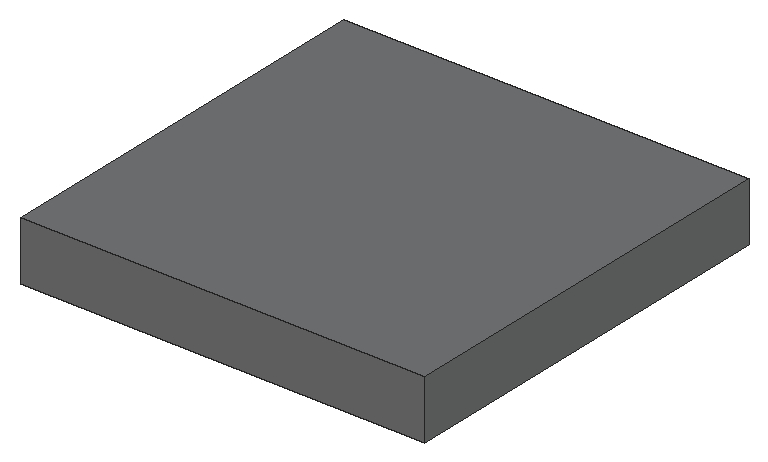
Revit family "Gira_067326", category Electrical Fixtures, host Face, Revit 2017
Family settings
  Host = Face
  Maintain Annotation Orientation = No
  Round Connector Dimension = Use Diameter
  Part Type = Normal
  Cut with Voids When Loaded = No
  Shared = No
  Room Calculation Point = No
Parameters (values of type "Wippe Symb. Klingel + BSF System 55 F Alu")
  Werkstoffgüte = "Thermoplast"
  Werkstoff = "Kunststoff"
  Verwendung = "Schalter/Taster"
  URL = "http://katalog.gira.de/de_DE/datenblatt.html?artikelnr=067326"
  Region = "DE"
  Oberfläche = "sonstige"
  Name = "Wippe Symb. Klingel + BSF System 55 F Alu"
  Mit austauschbarer Linse/Symbol = "No"
  Mit Beschriftungsfeld = "Yes"
  Manufacturer URL = "https://www.gira.de/"
  Kontrollfenster/Lichtauslass = "No"
  Keynote = "Sys55_Abdeckung_Schalten und Tasten"
  HeinzeBIM = "https://bimportal.heinze.de/bim/wippe-symb-klingel-bsf-system-55-f-alu/ccb45f36e87a72652a1f12ac1950e530a1276440"
  Halogenfrei = "Yes"
  HAN = "067326"
  Geeignet für Schutzart (IP) = "IP20"
  Geeignet für Bussystem-Tasterankopplung = "No"
  GTIN = "4010337673262"
  Farbe = "aluminium"
  Default Elevation = 1219.2 mm
  Data sheet (1) = "https://katalog.gira.de/de_DE/download.html?artikelnr=067326"
  Category = "Abdeckung/Bedienelement für Installationsschalterprogramme"
  Befestigungsart = "Klemmbefestigung"
  Available = "Yes"
  Ausführung = "einteilige Wippe"
  Aufdruck/Kennzeichnung = "Symbol \"Klingel\""
  Anthrazit [instance] = Anthrazit
  Abtastbares Symbol/barrierefrei = "No"
Reference planes
  plane 1 "Center (Front/Back)": y = 0
  plane 2: z = 0
  plane 3 "Center (Left/Right)": x = 0
Forms (mm)
  Extrusion 1, solid, material "Anthrazit" <- "Anthrazit", detail levels fine
    sketch origin (0, 0, 0) x (1, 0, 0) y (0, 1, 0)
      loop
        line (-27.5, 27.5) -> (-27.5, -27.5) -> (27.5, -27.5) -> (27.5, 27.5) -> (-27.5, 27.5)
    from 0 to 8
  Extrusion 2, void
    sketch origin (0, 0, 0) x (1, 0, 0) y (0, 1, 0)
      loop
        line (26, 26) -> (-26, 26) -> (-26, -26) -> (26, -26) -> (26, 26)
    from 0 to 6
  Extrusion 3, solid, material "Anthrazit" <- "Anthrazit", detail levels medium
    sketch origin (0, 0, 0) x (1, 0, 0) y (0, 1, 0)
      loop
        line (-27.5, 27.5) -> (-27.5, -27.5) -> (27.5, -27.5) -> (27.5, 27.5) -> (-27.5, 27.5)
    from 0 to 8
  Extrusion 4, solid, material "Anthrazit" <- "Anthrazit", detail levels medium
    sketch origin (0, 0, 0) x (1, 0, 0) y (0, 1, 0)
      loop
        line (11, -17.5) -> (11, 17.5) -> (-11, 17.5) -> (-11, -17.5) -> (11, -17.5)
    from -6 to 6
  Extrusion 5, solid, material "Anthrazit" <- "Anthrazit", detail levels fine
    sketch origin (0, 0, 0) x (1, 0, 0) y (0, 1, 0)
      loop
        line (11, 17.5) -> (-11, 17.5) -> (-11, 16.5) -> (11, 16.5) -> (11, 17.5)
      loop
        line (-11, -16.5) -> (-11, -17.5) -> (11, -17.5) -> (11, -16.5) -> (-11, -16.5)
    from -4 to 6
  Extrusion 6, solid, material "Anthrazit" <- "Anthrazit", detail levels fine
    sketch origin (0, 0, 0) x (1, 0, 0) y (0, 1, 0)
      loop
        arc (5, 9.347) -> (0, 10.6) -> (-5, 9.347) r 10.6
        line (-5, 9.347) -> (-5, -9.347)
        arc (-5, -9.347) -> (0, -10.6) -> (5, -9.347) r 10.6
        line (5, -9.347) -> (5, 9.347)
    from -6 to 6
  Extrusion 7, solid, material "Anthrazit" <- "Anthrazit", detail levels coarse
    sketch origin (0, 0, 0) x (1, 0, 0) y (0, 1, 0)
      loop
        line (-27.5, 27.5) -> (-27.5, -27.5) -> (27.5, -27.5) -> (27.5, 27.5) -> (-27.5, 27.5)
    from -6 to 8
Cuts and joins
  Extrusion 2 cuts Extrusion 1
Dimensions and locks
  aligned and locked: plane 2 to host face
  aligned and locked: level to host face
